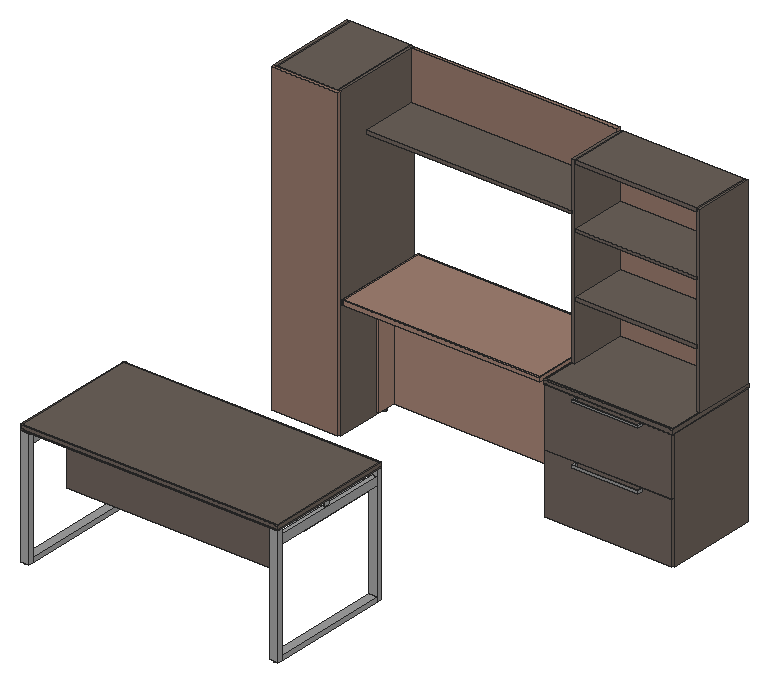
Revit family "T100086", category Furniture Systems, Revit 2022
Family settings
  Round Connector Dimension = Use Diameter
  Part Type = Normal
  Work Plane-Based = No
  Always vertical = Yes
  Cut with Voids When Loaded = No
  Shared = No
  Room Calculation Point = No
Parameters (values of type "T100465")
  URL = "http://ofs.com/"
  Model = "T100465"
  Manufacturer = "OFS"
  Description = "OFS TYPICAL T100465"
  Default Elevation = 0' - 0"
  Copyright © = "©OFS 2022"
  Catalog = "https://ofs.com/typical/T100465"
  Authoring Version = "Autodesk Revit Architecture 2015"
  Assembly Code = "E2020200"
Reference planes (in)
  plane 1 "Center F/B": y = 0
  plane 2: z = 0
  plane 3 "Center L/R": x = 0
Dimensions and locks (in)
  aligned and locked: level to plane 2
Nested families (in)
  nested 1: "STAKS SEAT CUSHION FOR MOBILE PEDESTAL" at (20.87942, -60.96503, 0) x (-1, 0, 0) z (0, 0, 1), type "STAKS SEAT CUSHION FOR MOBILE PEDESTAL"
  nested 2: "STAKS SINGLE DOOR STORAGE TOWERS" at (-66.56746, 1.08365, 30), type "STAKS SINGLE DOOR STORAGE TOWER Right Hinged 72in"
    with Height Above Floor 3' - 6"
  nested 3: "OFS STAKS HEIGHT ADJUSTABLE BRIDGE WITH BACK AND END PANEL" at (-7.69998, 0, 0), type "HA Bridge w Back & End Panel 48"
    with Right Side Lock Option no, Right Side Lock On no, Right Grommet Option no, Right Grommet On no, Pull Type none, Left Side Lock Option no, Left Side Lock On no, Left Grommet Option no, Left Grommet On no, Height 2' - 5", Divider Option no, Divider On no, Center Grommet Option no, Center Grommet On no, Cable Tray Option no
  nested 4: "STAKS SUPPORT O LEG" at (-30.21325, -76.81598, 0), type "STAKS SUPPORT O LEG 30"
  nested 5: "STAKS WALL SHELF" at (-34.75496, 1.33365, 0.5), type "STAKS WALL SHELF 48in"
    with Height Above Floor 5' - 11 1/2", 2D Symbol Lines yes, Width 4' - 0"
  nested 6: "STAKS BENCHING RECTANGULAR WORKSURFACES" at (-55.26823, -62.60698, 0), type "STAKS BENCHING RECTANGULAR WORKSURFACE 60 X 30"
  nested 7: "STAKS LEG SUPPORT BAR" at (-38.69036, -98.11434, 0), type "STAKS LEG SUPPORT BAR 60W"
  nested 8: "STAKS SUPPORT O LEG" at (-5.21325, -76.81598, 0) x (-1, 0, 0) z (0, 0, 1), type "STAKS SUPPORT O LEG 30"
  nested 9: "STAKS MODESTY PANEL - Veneer _ Wood Grain _ Frosted" at (-15.18225, -86.81529, 0), type "STAKS MODESTY PANEL WOOD VENEER 47.9375-30"
  nested 10: "STAKS LATERAL FILE WITH TOP Two Drawers" at (10.26041, -20.00035, 0), type "STAKS LATERAL FILE WITH TOP Two Drawers 30in"
  nested 11: "STAKS BOOKCASE ORGANIZER 43H" at (4.18254, 1.08365, 0), type "STAKS BOOKCASE ORGANIZER 43H 30D"
    with Height Above Floor 5' - 11 1/2"
Definition of nested family "STAKS SEAT CUSHION FOR MOBILE PEDESTAL"
  Parameters (values of type "STAKS SEAT CUSHION FOR MOBILE PEDESTAL")
    URL = "http://www.ofs.com/"
    Default Elevation = 0' - 0"
    Cushion Thickness = 0' - 1 1/2"
    Cushion Material = none
    Model = "6-1619SC2"
    Manufacturer = "OFS"
    Height = 1' - 8 1/4"
    Description = "OFS STAKS SEAT CUSHION FOR MOBILE PEDESTAL,"
    Width = 1' - 3 5/8"
    Depth = 1' - 7 1/4"
    Copyright © = "© 2018 OFS"
    Catalog = "https://ofs.com/products/casegoods/private-office/staks"
    Authoring Version = "Autodesk Revit Architecture 2013"
    Assembly Code = "E2020200"
  Reference planes (in)
    plane 1: z = 0
    plane 2 "Right": x = 20.97711
    plane 3: x = 13.16461
    plane 4: y = 1.50035
    plane 5: y = 0.75035
    plane 6: y = 20.00035
    plane 7: x = 28.78961
    plane 8: y = -0.06215
    plane 9: y = -0.24965
    plane 10: y = 19.25035
    plane 11: z = 20.25
    plane 12: z = 21.75
  Forms (in)
    Extrusion 1, solid, material <- "Cushion Material"
      sketch origin (-25.91712, 0.87535, -18.36336) x (1, 0, 0) y (0, 0, 1)
        loop
          line (39.08173, 38.61336) -> (54.70673, 38.61336) -> (54.70673, 40.11336) -> (39.08173, 40.11336) -> (39.08173, 38.61336)
      from -19.125 to 0.125
  Dimensions and locks (in)
    locked: plane 5 to plane 4 at 0.75
    "Width": plane 3 to plane 7
    equal spacing: plane 3, plane 2 "Right", plane 7
    plane 9 to plane 8 to plane 5 = 0' - 0 3/16" locked, 0' - 0 13/16" locked
    locked: plane 10 to plane 6 at 0.75
    "Depth": plane 5 to plane 6
    "Cushion Thickness": plane 12 to plane 11
    "Height": plane 11 to level
    aligned and locked: level to plane 1
    aligned and locked: Extrusion 1 to plane 11
    aligned and locked: plane 12 to Extrusion 1
    aligned and locked: Extrusion 1 to plane 6
    aligned and locked: Extrusion 1 to plane 3
    aligned and locked: plane 7 to Extrusion 1
    aligned and locked: plane 5 to Extrusion 1
  Automatic sketch dimensions
    Extrusion 1 sketch curve to plane 3 = 0' - 0"
    Extrusion 1 sketch curve to plane 7 = 0' - 0"
    Extrusion 1 sketch curve to plane 11 = 0' - 0"
    Extrusion 1 sketch curve to plane 12 = 0' - 0"
Definition of nested family "STAKS SINGLE DOOR STORAGE TOWERS"
  Parameters (values of type "STAKS SINGLE DOOR STORAGE TOWER Right Hinged 72in")
    URL = "http://www.ofs.com/"
    Right Hinged = yes
    Left Hinged = no
    Height Above Floor [instance] = 6' - 0"
    Height = 6' - 0"
    Front Doors Material = none
    Default Elevation = 0' - 0"
    Back Material = none
    Depth = 1' - 9 7/8"
    Model = "6-1672RSC1"
    Manufacturer = "OFS"
    Description = "OFS STAKS SINGLE DOOR STORAGE TOWER, Right Hinged, 72in Height, Enhance Privacy, Support Worksurfaces and Store Personal Items"
    Width = 1' - 3 5/8"
    Copyright © = "© 2018 OFS"
    Catalog = "https://ofs.com/products/casegoods/private-office/staks"
    Board Material = none
    Board Thickness = 0' - 0 3/4"
    Authoring Version = "Autodesk Revit Architecture 2013"
    Assembly Code = "E2020200"
  Types (12): name | Right Hinged | Left Hinged | Height Above Floor | Height | Model | Description
    STAKS SINGLE DOOR STORAGE TOWER Left Hinged 42in | no | yes | 3' - 6" | 3' - 6" | "6-1642LSC1" | "OFS STAKS SINGLE DOOR STORAGE TOWER, Left Hinged, 42in Height, Enhance Privacy, Support Worksurfaces and Store Personal Items"
    STAKS SINGLE DOOR STORAGE TOWER Right Hinged 42in | yes | no | 3' - 6" | 3' - 6" | "6-1642RSC1" | "OFS STAKS SINGLE DOOR STORAGE TOWER, Right Hinged, 42in Height, Enhance Privacy, Support Worksurfaces and Store Personal Items"
    STAKS SINGLE DOOR STORAGE TOWER Left Hinged 48in | no | yes | 4' - 0" | 4' - 0" | "6-1648LSC1" | "OFS STAKS SINGLE DOOR STORAGE TOWER, Left Hinged, 48in Height, Enhance Privacy, Support Worksurfaces and Store Personal Items"
    STAKS SINGLE DOOR STORAGE TOWER Left Hinged 54in | no | yes | 4' - 6" | 4' - 6" | "6-1654LSC1" | "OFS STAKS SINGLE DOOR STORAGE TOWER, Left Hinged, 54in Height, Enhance Privacy, Support Worksurfaces and Store Personal Items"
    STAKS SINGLE DOOR STORAGE TOWER Left Hinged 62.5in | no | yes | 5' - 2 1/2" | 5' - 2 1/2" | "6-1663LSC1" | "OFS STAKS SINGLE DOOR STORAGE TOWER, Left Hinged, 62.5in Height, Enhance Privacy, Support Worksurfaces and Store Personal Items"
    STAKS SINGLE DOOR STORAGE TOWER Left Hinged 72in | no | yes | 6' - 0" | 6' - 0" | "6-1672LSC1" | "OFS STAKS SINGLE DOOR STORAGE TOWER, Left Hinged, 72in Height, Enhance Privacy, Support Worksurfaces and Store Personal Items"
    STAKS SINGLE DOOR STORAGE TOWER Left Hinged 84in | no | yes | 7' - 0" | 7' - 0" | "6-1684LSC1" | "OFS STAKS SINGLE DOOR STORAGE TOWER, Left Hinged, 84in Height, Enhance Privacy, Support Worksurfaces and Store Personal Items"
    STAKS SINGLE DOOR STORAGE TOWER Right Hinged 48in | yes | no | 4' - 0" | 4' - 0" | "6-1648RSC1" | "OFS STAKS SINGLE DOOR STORAGE TOWER, Right Hinged, 48in Height, Enhance Privacy, Support Worksurfaces and Store Personal Items"
    STAKS SINGLE DOOR STORAGE TOWER Right Hinged 54in | yes | no | 4' - 6" | 4' - 6" | "6-1654RSC1" | "OFS STAKS SINGLE DOOR STORAGE TOWER, Right Hinged, 54in Height, Enhance Privacy, Support Worksurfaces and Store Personal Items"
    STAKS SINGLE DOOR STORAGE TOWER Right Hinged 62.5in | yes | no | 5' - 2 1/2" | 5' - 2 1/2" | "6-1663RSC1" | "OFS STAKS SINGLE DOOR STORAGE TOWER, Right Hinged, 62.5in Height, Enhance Privacy, Support Worksurfaces and Store Personal Items"
    STAKS SINGLE DOOR STORAGE TOWER Right Hinged 72in | yes | no | 6' - 0" | 6' - 0" | "6-1672RSC1" | "OFS STAKS SINGLE DOOR STORAGE TOWER, Right Hinged, 72in Height, Enhance Privacy, Support Worksurfaces and Store Personal Items"
    STAKS SINGLE DOOR STORAGE TOWER Right Hinged 84in | yes | no | 7' - 0" | 7' - 0" | "6-1684RSC1" | "OFS STAKS SINGLE DOOR STORAGE TOWER, Right Hinged, 84in Height, Enhance Privacy, Support Worksurfaces and Store Personal Items"
  Reference planes (in)
    plane 1: z = -0.125
    plane 2 "LEFT": x = 19.24248
    plane 3 "RIGHT": x = 34.86748
    plane 4 "BACK": y = -1.83365
    plane 5 "FRONT": y = -22.20865
    plane 6: x = 19.99248
    plane 7: x = 34.11748
    plane 8: z = -0.125
    plane 9 "SURFACE TOP": z = 71.875
    plane 10: z = 0.625
    plane 11: x = 27.05498
    plane 12: z = 71.125
    plane 13: y = -12.02115
    plane 14: y = -11.64615
    plane 15: y = -12.39615
    plane 16: x = 27.42998
    plane 17: x = 26.67998
    plane 18: y = -1.08365
    plane 19: y = -22.95865
    plane 20: x = 34.80498
    plane 21: x = 19.30498
    plane 22: x = 27.08623
    plane 23: x = 27.02373
    plane 24: z = 0.125
    plane 25: z = 71.8125
  Forms (in)
    Extrusion 1, solid, material <- "Board Material"
      sketch origin (0, 0, 71.875) x (0, 1, 0) y (-1, 0, 0)
        loop
          line (-1.83365, -19.99248) -> (-22.20865, -19.99248) -> (-22.20865, -34.11748) -> (-1.83365, -34.11748) -> (-1.83365, -19.99248)
      from -71.25 to -72
    Extrusion 2, solid, material <- "Board Material"
      sketch origin (0, 0, 71.875) x (0, 1, 0) y (-1, 0, 0)
        loop
          line (-1.08365, -19.99248) -> (-1.08365, -19.24248) -> (-22.20865, -19.24248) -> (-22.20865, -19.99248) -> (-1.08365, -19.99248)
        loop
          line (-1.08365, -34.86748) -> (-1.08365, -34.11748) -> (-22.20865, -34.11748) -> (-22.20865, -34.86748) -> (-1.08365, -34.86748)
      from 0 to -72
    Extrusion 3, solid, material <- "Board Material"
      sketch origin (0, 0, 27.375) x (0, 1, 0) y (-1, 0, 0)
        loop
          line (-1.08365, -19.99248) -> (-22.20865, -19.99248) -> (-22.20865, -34.11748) -> (-1.08365, -34.11748) -> (-1.08365, -19.99248)
      from 44.5 to 43.75
    Extrusion 4, solid, material <- "Back Material"
      sketch origin (30.99601, 21.63396, 71.875) x (0, 1, 0) y (-1, 0, 0)
        loop
          line (-22.71762, 11.00353) -> (-23.46762, 11.00353) -> (-23.46762, -3.12147) -> (-22.71762, -3.12147) -> (-22.71762, 11.00353)
      from -0.75 to -72
    Extrusion 5, solid, material <- "Front Doors Material"
      sketch origin (38.64087, -10.89295, 71.875) x (0, 1, 0) y (-1, 0, 0)
        loop
          line (-11.3157, 3.83589) -> (-11.3157, 19.33589) -> (-12.0657, 19.33589) -> (-12.0657, 3.83589) -> (-11.3157, 3.83589)
      from -0.0625 to -71.75
  Lines and regions (in)
    symbolic lines, visible <- "Left Hinged"
      curve 1: arc (34.80498, -22.95865, 71.875) -> (34.63214, -25.26693, 71.875) -> (34.11748, -27.52372, 71.875) r 15.5
      curve 2: line (19.30498, -22.95865, 71.875) -> (34.11748, -27.52372, 71.875)
    symbolic lines, visible <- "Right Hinged"
      curve 3: arc (19.30498, -22.95865, 71.875) -> (19.47782, -25.26693, 71.875) -> (19.99248, -27.52372, 71.875) r 15.5
      curve 4: line (34.80498, -22.95865, 71.875) -> (19.99248, -27.52372, 71.875)
  Dimensions and locks (in)
    "Width": plane 2 "LEFT" to plane 3 "RIGHT"
    "Height": plane 9 "SURFACE TOP" to plane 8
    "Board Thickness": plane 2 "LEFT" to plane 6
    "Board Thickness": plane 7 to plane 3 "RIGHT"
    "Height Above Floor": plane 9 "SURFACE TOP" to level
    "Board Thickness": plane 10 to plane 8
    equal spacing: plane 2 "LEFT", plane 11, plane 3 "RIGHT"
    "Board Thickness": plane 9 "SURFACE TOP" to plane 12
    equal spacing: plane 4 "BACK", plane 13, plane 5 "FRONT"
    equal spacing: plane 14, plane 13, plane 15
    "Board Thickness": plane 14 to plane 15
    equal spacing: plane 17, plane 11, plane 16
    "Board Thickness": plane 17 to plane 16
    "Depth": plane 18 to plane 19
    "Board Thickness": plane 18 to plane 4 "BACK"
    "Board Thickness": plane 5 "FRONT" to plane 19
    locked: plane 20 to plane 3 "RIGHT" at 0.0625
    locked: plane 2 "LEFT" to plane 21 at 0.0625
    plane 23 to plane 11 to plane 22 = 0' - 0 1/32" locked, 0' - 0 1/32" locked
    locked: plane 24 to plane 8 at 0.25
    locked: plane 9 "SURFACE TOP" to plane 25 at 0.0625
    aligned: level to plane 1
    aligned and locked: Extrusion 1 sketch curve to plane 4 "BACK"
    aligned and locked: Extrusion 1 sketch curve to plane 6
    aligned and locked: plane 5 "FRONT" to Extrusion 1 sketch curve
    aligned and locked: Extrusion 1 sketch curve to plane 7
    aligned and locked: Extrusion 1 to plane 8
    aligned and locked: plane 10 to Extrusion 1
    aligned and locked: Extrusion 2 sketch curve to Extrusion 1  (x2)
    aligned and locked: Extrusion 2 sketch curve to plane 5 "FRONT"
    aligned and locked: Extrusion 2 sketch curve to plane 2 "LEFT"
    aligned and locked: Extrusion 2 sketch curve to plane 3 "RIGHT"
    aligned and locked: Extrusion 1 to Extrusion 2 sketch curve
    aligned and locked: plane 9 "SURFACE TOP" to Extrusion 3
    aligned and locked: Extrusion 3 to plane 12
    aligned and locked: Extrusion 3 to plane 5 "FRONT"
    aligned and locked: Extrusion 3 to plane 6
    aligned and locked: Extrusion 3 to plane 7
    aligned and locked: Extrusion 4 to plane 4 "BACK"
    aligned and locked: plane 18 to Extrusion 4
    aligned and locked: plane 5 "FRONT" to Extrusion 5
    aligned and locked: Extrusion 5 to plane 19
    aligned and locked: Extrusion 2 to plane 18  (x2)
    aligned and locked: Extrusion 3 to plane 18
    aligned and locked: plane 12 to Extrusion 4
    aligned and locked: Extrusion 5 to plane 24
    aligned and locked: Extrusion 4 to plane 6
    aligned and locked: plane 7 to Extrusion 4
    aligned and locked: Extrusion 4 to plane 8
    aligned and locked: plane 21 to Extrusion 5
    aligned and locked: plane 25 to Extrusion 5
    aligned and locked: Extrusion 2 to plane 8
    aligned and locked: plane 20 to Extrusion 5
  Automatic sketch dimensions
    Extrusion 2 sketch curve to plane 18 = 0' - 0"  (x2)
    Extrusion 3 sketch curve to plane 5 "FRONT" = 0' - 0"
    Extrusion 3 sketch curve to plane 6 = 0' - 0"
    Extrusion 3 sketch curve to plane 18 = 0' - 0"
    Extrusion 3 sketch curve to plane 7 = 0' - 0"
    Extrusion 4 sketch curve to plane 4 "BACK" = 0' - 0"
    Extrusion 4 sketch curve to plane 6 = 0' - 0"
    Extrusion 4 sketch curve to plane 18 = 0' - 0"
    Extrusion 4 sketch curve to plane 7 = 0' - 0"
    curve 4 to plane 6 = 0' - 0"
    curve 2 to plane 7 = 0' - 0"
    curve 2 to plane 19 = 0' - 0"
    curve 4 to plane 19 = 0' - 0"
    curve 4 to plane 20 = 0' - 0"
    curve 2 to plane 21 = 0' - 0"
    curve 3 to plane 20 = 0' - 0"
    curve 1 to plane 21 = 0' - 0"
    Extrusion 5 sketch curve to plane 19 = 0' - 0"
    Extrusion 5 sketch curve to plane 5 "FRONT" = 0' - 0"
    Extrusion 5 sketch curve to plane 21 = 0' - 0"
    Extrusion 5 sketch curve to plane 20 = 0' - 0"
Definition of nested family "OFS STAKS HEIGHT ADJUSTABLE BRIDGE WITH BACK AND END PANEL"
  Parameters (values of type "HA Bridge w Back & End Panel 42")
    Right Side Pedestal Board = no
    Right Side Lock Option [instance] = yes
    Right Side HA Base = yes
    Right Grommet Option [instance] = yes
    Pull Finish = none
    Overhang Front Right = 0' - 10"
    Right Side Leg Board Offset = 0' - 11"
    Right Side Leg Board = yes
    Leg Offset from Right Side = 0' - 0 3/8"
    Leg Offset from Front Right Side = 0' - 2"
    Left Side Lock Option [instance] = yes
    Left Side Leg Board Offset = 0' - 11"
    Left Side Leg Board = yes
    Left Side Pedestal Board = no
    Left Side HA Base = yes
    Left Grommet Option [instance] = yes
    HA Base Offset from Right = 0' - 9"
    HA Base Offset from Left = 0' - 9"
    HA Base Offset from Back = 0' - 4"
    HA Base Material = none
    Divider Option [instance] = yes
    Desk Worksurface Option = not(Bridge Worksurface Option)  # no
    Default Elevation = 0' - 0"
    Center Grommet Option [instance] = yes
    Center Grommet On [instance] = and(Center Grommet Option, Bridge Worksurface Option)  # yes
    Cable Tray offset from Sides = 0' - 5"
    Width = 3' - 6"
    URL = "https://ofs.com/"
    Top Worksurface Finish = none
    Top Drawer Finish = none
    Right Side Full Panel = no
    Right Side 3 Drawers = no
    Right Side 2 Drawers = no
    Right Panel Finish = none
    Overhang Right = 0' - 0"
    Right Grommet On [instance] = and(Right Grommet Option, Desk Worksurface Option)  # no
    Pull Type [instance] = Pull : Parallel
    Right Side Lock On [instance] = and(Right Side Lock Option, or(Right Side 2 Drawers, Right Side 3 Drawers))  # no
    Lock Finish = none
    Left Side Lock On [instance] = and(Left Side Lock Option, or(Left Side 2 Drawers, Left Side 3 Drawers))  # no
    Left Side Full Panel = no
    Left Side 3 Drawers = no
    Left Side 2 Drawers = no
    Left Panel Finish = none
    Overhang Left = 0' - 0"
    Left Grommet On [instance] = and(Left Grommet Option, Desk Worksurface Option)  # no
    Grommet Offset from Back = 0' - 3"
    Grommet Material = none
    Full Width Option = not(Breakfront Option)  # yes
    Edge Finish = none
    Drawer Offset from Edge = 0' - 0 1/16"
    Divider On [instance] = and(Divider Option, Desk Worksurface Option)  # no
    Divider Finish = none
    Divider Depth from Back = 0' - 8 3/4"
    Chassis Height = 2' - 4"
    Cable Tray Option [instance] = yes
    Cable Tray Finish = none
    Bridge Worksurface Option = yes
    Bridge Worksurface Offset from Right Side = 0' - 1"
    Bridge Worksurface Offset from Left Side = 0' - 1"
    Breakfront Option = no
    Breakfront Gap Size = 0' - 6"
    Bottom Drawer Finish = none
    Overhang Back = 0' - 0"
    Shelf Height = 1' - 4 1/8"
    Leg Offset from Front Left Side = 0' - 2"
    Leg Offset from Back = 0' - 2"
    Overhang Front Left = 0' - 10"
    From Top of Drawer to Mid of Handle = 0' - 0 1/2"
    File Module Size R = 0' - 4"
    Edge Thickness = 0' - 0 1/8"
    Drawer Height 2 = 0' - 7"
    Drawer Height 1 = 1' - 2"
    From Bottom Board to Bottom of Drawer = 0' - 0 1/4"
    File Module Size L = 0' - 4"
    Handle Lenght R = 0' - 4 1/8"
    Handle Lenght L = 0' - 4 1/8"
    Drawer Handle Thickness = 0' - 0 1/2"
    Drawer Gap = 0' - 0 1/8"
    Board Thick Top = 0' - 1"
    Board Thick Door = 0' - 1 1/8"
    Depth = 1' - 10"
    Chassis Finish = none
    Model = "6-2242HABR"
    Manufacturer = "OFS"
    Leg Glides Material = none
    Leg Offset from Left Side = 0' - 0 3/8"
    Board Thick Internal = 0' - 0 3/4"
    Height [instance] = 2' - 5"
    Description = "OFS STAKS HEIGHT ADJUSTABLE BRIDGE WITH BACK AND END PANEL, 42\" Width, 22\" Depth, Electronic Height Adjustable (29\"- 45\")"
    Copyright © = "©OFS 2021"
    Catalog = "https://ofs.com/products/casegoods/private-office/staks"
    Bottom Board Offset = 0' - 0 1/2"
    Board Thick Bot = 0' - 0 3/4"
    Board Thick Shelfs = 0' - 0 3/4"
    Board Thick Sides = 0' - 0 3/4"
    Board Thick Front = 0' - 0 3/4"
    Board Thick Back = 0' - 0 3/4"
    Authoring Version = "Autodesk Revit Architecture 2015"
    Assembly Code = "E2020200"
  Types (3): name | Width | Model | Description
    (no name) | 3' - 6" | "6-2242HABR" | "OFS STAKS HEIGHT ADJUSTABLE BRIDGE WITH BACK AND END PANEL, 42\" Width, 22\" Depth, Electronic Height Adjustable (29\"- 45\")"
    HA Bridge w Back & End Panel 42 | 3' - 6" | "6-2242HABR" | "OFS STAKS HEIGHT ADJUSTABLE BRIDGE WITH BACK AND END PANEL, 42\" Width, 22\" Depth, Electronic Height Adjustable (29\"- 45\")"
    HA Bridge w Back & End Panel 48 | 4' - 0" | "6-2248HABR" | "OFS STAKS HEIGHT ADJUSTABLE BRIDGE WITH BACK AND END PANEL, 48\" Width, 22\" Depth, Electronic Height Adjustable (29\"- 45\")"
  Reference planes (in)
    plane 1 "Center": y = 0
    plane 2: z = 0
    plane 3 "Center Left/Right": x = 0
    plane 4 "Left End": x = -21
    plane 5 "Front End": y = -10.875
    plane 6 "Right End": x = 21
    plane 7 "Center Front/Back": y = 0
    plane 8 "Height Top": z = 29
    plane 9: x = -20.25
    plane 10: x = 20.25
    plane 11: z = 14.375
    plane 12: z = 15.875
    plane 13: z = 28
    plane 14: z = 0.5
    plane 15: z = 1.25
    plane 16: y = -10.125
    plane 17: y = -2
    plane 18: y = -2
    plane 19: y = -8.875
    plane 20: y = -8.875
    plane 21: x = 20.625
    plane 22: y = -22
    plane 23: z = 14.5
    plane 24: x = 18.8125
    plane 25: x = 16.75
    plane 26: x = 20.875
    plane 27: y = -0.75
    plane 28: x = 17
    plane 29: x = 16.625
    plane 30: x = 17.375
    plane 31: x = 16.9375
    plane 32: x = 17.0625
    plane 33: x = 17
    plane 34: x = -17
    plane 35: x = -16.625
    plane 36: x = -17.375
    plane 37: x = -16.9375
    plane 38: x = -17.0625
    plane 39: x = -18.8125
    plane 40: x = -16.75
    plane 41: x = -20.875
    plane 42: x = -17
    plane 43: x = -20.625
    plane 44: z = 0.75
    plane 45: z = 14.125
    plane 46: z = 13.625
    plane 47: z = 27.75
    plane 48: z = 27.25
    plane 49: z = 21.375
    plane 50: z = 21.5
    plane 51: z = 21.125
    plane 52: z = 20.625
    plane 53: z = 16.625
    plane 54: z = 13.875
    plane 55: z = 20.875
    plane 56: z = 27.5
    plane 57: y = -0.125
    plane 58: y = -21.875
    plane 59: y = -12
    plane 60: x = -21
    plane 61: x = -20.875
    plane 62: x = 21
    plane 63: x = 20.875
    plane 64: x = -20.9375
    plane 65: x = -16.6875
    plane 66: x = 16.6875
    plane 67: x = 20.9375
    plane 68: y = -6
    plane 69: y = -6.75
    plane 70: y = -3
    plane 71: y = -14
    plane 72: y = -14.75
    plane 73: z = 28
    plane 74: x = -20
    plane 75: x = 20
    plane 76: x = -19.875
    plane 77: x = 19.875
    plane 78: x = -11.625
    plane 79: x = 19.70587
    plane 80: x = 11.625
    plane 81: y = -10.875
    plane 82: y = -10.125
    plane 83: y = -12
    plane 84: y = -11
    plane 85: y = -11
    plane 86: y = -4
    plane 87: x = -12
    plane 88: x = 12
  Forms (in)
    Extrusion 1, solid, material <- "Chassis Finish", visible <- "Left Side Pedestal Board"
      sketch origin (0, 0, 0) x (1, 0, 0) y (0, 1, 0)
        loop
          line (-21, -0.75) -> (-21, -10.875) -> (-20.25, -10.875) -> (-20.25, -0.75) -> (-21, -0.75)
      from 0.5 to 28
    Extrusion 2, solid, material <- "Chassis Finish", visible <- "Right Side Pedestal Board"
      sketch origin (0, 0, 0) x (-1, 0, 0) y (0, -1, 0)
        loop
          line (-21, 0.75) -> (-20.25, 0.75) -> (-20.25, 10.875) -> (-21, 10.875) -> (-21, 0.75)
      from 0.5 to 28
    Extrusion 3, solid, material <- "Chassis Finish", visible <- "Right Side Pedestal Board"
      sketch origin (0, 0, 0) x (1, 0, 0) y (0, 1, 0)
        loop
          line (17.375, -0.75) -> (17.375, -10.875) -> (20.25, -10.875) -> (20.25, -0.75) -> (17.375, -0.75)
      from 0.5 to 1.25
    Extrusion 4, solid, material <- "Top Worksurface Finish", visible <- "Desk Worksurface Option"
      sketch origin (0, 0, 0) x (1, 0, 0) y (0, 1, 0)
        loop
          line (-20.875, -0.125) -> (-20.875, -21.875) -> (20.875, -21.875) -> (20.875, -0.125) -> (-20.875, -0.125)
      from 28 to 29
    Extrusion 5, solid, material <- "Chassis Finish", visible <- "Right Side Pedestal Board"
      sketch origin (0, 0, 0) x (1, 0, 0) y (0, 1, 0)
        loop
          line (16.625, -0.75) -> (16.625, -10.875) -> (17.375, -10.875) -> (17.375, -0.75) -> (16.625, -0.75)
      from 0.5 to 28
    Extrusion 6, solid, material <- "Chassis Finish", visible <- "Full Width Option"
      sketch origin (0, 27.875, 0) x (1, 0, 0) y (0, 1, 0)
        loop
          line (-21, -27.875) -> (-21, -28.625) -> (21, -28.625) -> (21, -27.875) -> (-21, -27.875)
      from 0.5 to 28
    Extrusion 7, solid, material <- "Top Drawer Finish", visible <- "Right Side 2 Drawers"
      sketch origin (-18, 0, 0) x (-1, 0, 0) y (0, -1, 0)
        loop
          line (-34.6875, 10.875) -> (-34.6875, 12) -> (-38.9375, 12) -> (-38.9375, 10.875) -> (-34.6875, 10.875)
      from 14.5 to 28
    Extrusion 8, solid, material <- "Bottom Drawer Finish", visible <- "Right Side 2 Drawers"
      sketch origin (-18, 0, 0) x (-1, 0, 0) y (0, -1, 0)
        loop
          line (-34.6875, 10.875) -> (-34.6875, 12) -> (-38.9375, 12) -> (-38.9375, 10.875) -> (-34.6875, 10.875)
      from 0.75 to 14.375
    Extrusion 9, solid, material <- "Chassis Finish", visible <- "Left Side Pedestal Board"
      sketch origin (0, 0, 0) x (-1, 0, 0) y (0, -1, 0)
        loop
          line (16.625, 0.75) -> (17.375, 0.75) -> (17.375, 10.875) -> (16.625, 10.875) -> (16.625, 0.75)
      from 0.5 to 28
    Extrusion 10, solid, material <- "Top Drawer Finish", visible <- "Left Side 3 Drawers"
      sketch origin (18, 0, 0) x (1, 0, 0) y (0, 1, 0)
        loop
          line (-34.6875, -10.875) -> (-38.9375, -10.875) -> (-38.9375, -12) -> (-34.6875, -12) -> (-34.6875, -10.875)
      from 14.5 to 21.375
    Extrusion 11, solid, material <- "Bottom Drawer Finish", visible <- "Left Side 3 Drawers"
      sketch origin (18, 0, 0) x (1, 0, 0) y (0, 1, 0)
        loop
          line (-34.6875, -10.875) -> (-38.9375, -10.875) -> (-38.9375, -12) -> (-34.6875, -12) -> (-34.6875, -10.875)
      from 0.75 to 14.375
    Extrusion 12, solid, material <- "Chassis Finish", visible <- "Left Side Pedestal Board"
      sketch origin (0, 0, 0) x (-1, 0, 0) y (0, -1, 0)
        loop
          line (17.375, 0.75) -> (20.25, 0.75) -> (20.25, 10.875) -> (17.375, 10.875) -> (17.375, 0.75)
      from 1.25 to 0.5
    Extrusion 13, solid, material <- "Top Drawer Finish", visible <- "Left Side 3 Drawers"
      sketch origin (18, -2.5, 0) x (1, 0, 0) y (0, 1, 0)
        loop
          line (-34.6875, -8.375) -> (-38.9375, -8.375) -> (-38.9375, -9.5) -> (-34.6875, -9.5) -> (-34.6875, -8.375)
      from 21.5 to 28
    Extrusion 14, solid, material <- "Chassis Finish", visible <- "Breakfront Option"
      sketch origin (0, 21.875, 0) x (1, 0, 0) y (0, 1, 0)
        loop
          line (-16.625, -27.875) -> (-16.625, -28.625) -> (16.625, -28.625) -> (16.625, -27.875) -> (-16.625, -27.875)
      from 0.5 to 28
    Extrusion 15, solid, material <- "Chassis Finish", visible <- "Breakfront Option"
      sketch origin (18, 21.875, 0) x (1, 0, 0) y (0, 1, 0)
        loop
          line (-1.375, -21.875) -> (-1.375, -22.625) -> (3, -22.625) -> (3, -21.875) -> (-1.375, -21.875)
      from 0.5 to 28
    Extrusion 16, solid, material <- "Chassis Finish", visible <- "Breakfront Option"
      sketch origin (-18, 21.875, 0) x (-1, 0, 0) y (0, -1, 0)
        loop
          line (-1.375, 21.875) -> (3, 21.875) -> (3, 22.625) -> (-1.375, 22.625) -> (-1.375, 21.875)
      from 0.5 to 28
    Sweep 17, solid, material <- "Edge Finish", visible <- "Desk Worksurface Option"
      path origin (-40.38991, -180, 29) x (-1, 0, 0) y (0, -1, 0)
        loop
          line (-19.38991, -180) -> (-19.38991, -158) -> (-61.38991, -158) -> (-61.38991, -180) -> (-19.38991, -180)
      profile origin (0, 0, 29) x (0, 1, 0) y (0, 0, 1)
        loop
          line (0, 0) -> (-0.125, 0) -> (-0.125, -1) -> (0, -1) -> (0, 0)
    Extrusion 18, solid, material <- "Divider Finish", visible <- "Divider On"
      sketch origin (0, 0, 0) x (0, 1, 0) y (0, 0, 1)
        loop
          line (-6.75, 18.15) -> (-14.75, 18.15) -> (-14.75, 17.4) -> (-6.75, 17.4) -> (-6.75, 18.15)
      from -16.625 to 16.625
    Extrusion 19, solid, material <- "Divider Finish", visible <- "Divider On"
      sketch origin (0, 0, 0) x (0, 1, 0) y (0, 0, 1)
        loop
          line (-14.75, 14.4) -> (-14, 14.4) -> (-14, 17.4) -> (-14.75, 17.4) -> (-14.75, 14.4)
      from -16.625 to 16.625
    Extrusion 20, solid, material <- "Top Drawer Finish", visible <- "Left Side 2 Drawers"
      sketch origin (18, -6.375, 0) x (1, 0, 0) y (0, 1, 0)
        loop
          line (-34.6875, -4.5) -> (-38.9375, -4.5) -> (-38.9375, -5.625) -> (-34.6875, -5.625) -> (-34.6875, -4.5)
      from 14.5 to 28
    Extrusion 21, solid, material <- "Bottom Drawer Finish", visible <- "Left Side 2 Drawers"
      sketch origin (18, 0, 0) x (1, 0, 0) y (0, 1, 0)
        loop
          line (-34.6875, -10.875) -> (-38.9375, -10.875) -> (-38.9375, -12) -> (-34.6875, -12) -> (-34.6875, -10.875)
      from 0.75 to 14.375
    Extrusion 22, solid, material <- "Top Drawer Finish", visible <- "Right Side 3 Drawers"
      sketch origin (-18, 0, 0) x (-1, 0, 0) y (0, -1, 0)
        loop
          line (-34.6875, 10.875) -> (-34.6875, 12) -> (-38.9375, 12) -> (-38.9375, 10.875) -> (-34.6875, 10.875)
      from 14.5 to 21.375
    Extrusion 23, solid, material <- "Bottom Drawer Finish", visible <- "Right Side 3 Drawers"
      sketch origin (-18, 0, 0) x (-1, 0, 0) y (0, -1, 0)
        loop
          line (-34.6875, 10.875) -> (-34.6875, 12) -> (-38.9375, 12) -> (-38.9375, 10.875) -> (-34.6875, 10.875)
      from 0.75 to 14.375
    Extrusion 24, solid, material <- "Top Drawer Finish", visible <- "Right Side 3 Drawers"
      sketch origin (-18, -2.5, 0) x (-1, 0, 0) y (0, -1, 0)
        loop
          line (-34.6875, 8.375) -> (-34.6875, 9.5) -> (-38.9375, 9.5) -> (-38.9375, 8.375) -> (-34.6875, 8.375)
      from 21.5 to 28
    Extrusion 25, solid, material <- "Left Panel Finish", visible <- "Left Side Full Panel"
      sketch origin (39.35039, -4.2751, 0) x (1, 0, 0) y (0, 1, 0)
        loop
          line (-56.03789, -6.5999) -> (-60.28789, -6.5999) -> (-60.28789, -7.7249) -> (-56.03789, -7.7249) -> (-56.03789, -6.5999)
      from 0.75 to 28
    Extrusion 26, solid, material <- "Right Panel Finish", visible <- "Right Side Full Panel"
      sketch origin (48.60039, -4.2751, 0) x (1, 0, 0) y (0, 1, 0)
        loop
          line (-27.66289, -6.5999) -> (-31.91289, -6.5999) -> (-31.91289, -7.7249) -> (-27.66289, -7.7249) -> (-27.66289, -6.5999)
      from 0.75 to 28
    Extrusion 27, solid, material <- "Lock Finish", visible <- "Left Side Lock On"
      sketch origin (-7.75, 0, 0) x (0, 1, 0) y (0, 0, -1)
        loop
          circle (-8.875, -21.5) r 0.5
      from 8.84352 to 8.875
    Extrusion 28, solid, material <- "Top Worksurface Finish", visible <- "Bridge Worksurface Option"
      sketch origin (34.67933, 47.732, 0) x (1, 0, 0) y (0, 1, 0)
        loop
          line (-54.55433, -47.857) -> (-54.55433, -69.607) -> (-14.80433, -69.607) -> (-14.80433, -47.857) -> (-54.55433, -47.857)
      from 28 to 29
    Sweep 29, solid, material <- "Edge Finish", visible <- "Bridge Worksurface Option"
      path origin (-5.71058, -132.268, 29) x (-1, 0, 0) y (0, -1, 0)
        loop
          line (14.28942, -132.268) -> (14.28942, -110.268) -> (-25.71058, -110.268) -> (-25.71058, -132.268) -> (14.28942, -132.268)
      profile origin (0, 0, 29) x (0, 1, 0) y (0, 0, 1)
        loop
          line (0, 0) -> (-0.125, 0) -> (-0.125, -1) -> (0, -1) -> (0, 0)
    Extrusion 30, solid, material <- "Chassis Finish", visible <- "Bridge Worksurface Option"
      sketch origin (-40.38991, -180, 29) x (-1, 0, 0) y (0, -1, 0)
        loop
          line (-20.13991, -174) -> (-20.13991, -173.25) -> (-60.63991, -173.25) -> (-60.63991, -174) -> (-20.13991, -174)
      from -28.5 to -1
    Extrusion 31, solid, material <- "Chassis Finish", visible <- "Left Side Leg Board"
      sketch origin (-40.38991, -180, 29) x (-1, 0, 0) y (0, -1, 0)
        loop
          line (-19.38991, -179.25) -> (-19.38991, -169) -> (-20.13991, -169) -> (-20.13991, -179.25) -> (-19.38991, -179.25)
      from -28.5 to -1
    Extrusion 32, solid, material <- "Chassis Finish", visible <- "Right Side Leg Board"
      sketch origin (40.38991, -180, 29) x (1, 0, 0) y (0, 1, 0)
        loop
          line (-19.38991, 179.25) -> (-20.13991, 179.25) -> (-20.13991, 169) -> (-19.38991, 169) -> (-19.38991, 179.25)
      from -28.5 to -1
    Extrusion 33, solid, material <- "Lock Finish", visible <- "Right Side Lock On"
      sketch origin (0, 0, 0) x (0, 1, 0) y (0, 0, 1)
        loop
          circle (-8.875, 21.5) r 0.5
      from 16.625 to 16.59375
    Extrusion 34, void
      sketch origin (-0.4808, 0, 0.125) x (1, 0, 0) y (0, 0, 1)
        loop
          arc (7.93958, 27.35258) -> (12.4808, 26.17116) -> (17.02201, 27.35258) r 9.31865
          arc (17.02201, 27.35258) -> (17.97709, 27.74219) -> (19, 27.875) r 4.00572
          line (19, 27.875) -> (12.7308, 27.875) -> (12.4808, 28.125) -> (12.2308, 27.875) -> (5.96159, 27.875)
          arc (5.96159, 27.875) -> (6.9845, 27.74219) -> (7.93958, 27.35258) r 4.00572
      from 0 to 12
    Extrusion 35, void
      sketch origin (-24.4808, 0, 0.125) x (1, 0, 0) y (0, 0, 1)
        loop
          arc (7.93958, 27.35258) -> (12.4808, 26.17116) -> (17.02201, 27.35258) r 9.31865
          arc (17.02201, 27.35258) -> (17.97709, 27.74219) -> (19, 27.875) r 4.00572
          line (19, 27.875) -> (12.7308, 27.875) -> (12.4808, 28.125) -> (12.2308, 27.875) -> (5.96159, 27.875)
          arc (5.96159, 27.875) -> (6.9845, 27.74219) -> (7.93958, 27.35258) r 4.00572
      from 0 to 12
  Cuts and joins
    Extrusion 34, Extrusion 35 cuts Extrusion 30
  Dimensions and locks (in)
    equal spacing: plane 60, plane 3 "Center Left/Right", plane 62
    "Width": plane 60 to plane 62
    "Height": plane 8 "Height Top" to level
    "Board Thick Sides": plane 4 "Left End" to plane 9
    "Board Thick Sides": plane 10 to plane 6 "Right End"
    "Board Thick Shelfs": plane 53 to plane 12
    "Board Thick Bot": plane 15 to plane 14
    "Bottom Board Offset": plane 14 to level
    "Board Thick Front": plane 16 to plane 5 "Front End"
    "Leg Offset from Front Left Side": plane 19 to plane 5 "Front End"
    "Leg Offset from Front Right Side": plane 20 to plane 81
    "Leg Offset from Back": plane 17 to plane 1 "Center"
    "Leg Offset from Back": plane 18 to plane 1 "Center"
    "Leg Offset from Right Side": plane 21 to plane 6 "Right End"
    "Drawer Height 1": plane 23 to plane 14
    "Drawer Gap": plane 23 to plane 11
    equal spacing: plane 25, plane 24, plane 26
    "Handle Lenght R": plane 25 to plane 26
    "Board Thick Back": plane 27 to plane 1 "Center"
    "Depth": plane 22 to plane 7 "Center Front/Back"
    "Board Thick Internal": plane 29 to plane 30
    equal spacing: plane 29, plane 28, plane 30
    "File Module Size R": plane 28 to plane 6 "Right End"
    equal spacing: plane 30, plane 24, plane 10
    equal spacing: plane 31, plane 28, plane 32
    "Drawer Gap": plane 31 to plane 32
    "Leg Offset from Right Side": plane 29 to plane 33
    "Board Thick Internal": plane 35 to plane 36
    equal spacing: plane 35, plane 34, plane 36
    "File Module Size L": plane 34 to plane 4 "Left End"
    equal spacing: plane 37, plane 34, plane 38
    "Drawer Gap": plane 37 to plane 38
    equal spacing: plane 40, plane 39, plane 41
    "Handle Lenght R": plane 40 to plane 41
    equal spacing: plane 36, plane 39, plane 9
    "Leg Offset from Left Side": plane 35 to plane 42
    "Leg Offset from Left Side": plane 43 to plane 4 "Left End"
    "Overhang Back": plane 1 "Center" to plane 7 "Center Front/Back"
    "From Bottom Board to Bottom of Drawer": plane 44 to plane 14
    "Drawer Handle Thickness": plane 45 to plane 46
    locked: plane 47 to plane 48 at 0.5
    "Drawer Gap": plane 50 to plane 49
    "Drawer Handle Thickness": plane 51 to plane 52
    "Shelf Height": plane 53 to plane 14
    "Drawer Height 2": plane 50 to plane 23
    "From Top of Drawer to Mid of Handle": plane 11 to plane 54
    "From Top of Drawer to Mid of Handle": plane 49 to plane 55
    "From Top of Drawer to Mid of Handle": plane 13 to plane 56
    "Edge Thickness": plane 22 to plane 58
    "Edge Thickness": plane 57 to plane 7 "Center Front/Back"
    "Board Thick Door": plane 5 "Front End" to plane 59
    "Overhang Front Left": plane 59 to plane 22
    "Edge Thickness": plane 63 to plane 62
    "Edge Thickness": plane 60 to plane 61
    "Overhang Left": plane 60 to plane 4 "Left End"
    "Overhang Right": plane 6 "Right End" to plane 62
    "Drawer Offset from Edge": plane 64 to plane 4 "Left End"
    "Drawer Offset from Edge": plane 65 to plane 35
    "Drawer Offset from Edge": plane 66 to plane 29
    "Drawer Offset from Edge": plane 67 to plane 6 "Right End"
    "Board Thick Back": plane 68 to plane 69
    "Breakfront Gap Size": plane 1 "Center" to plane 68
    "Grommet Offset from Back": plane 70 to plane 7 "Center Front/Back"
    "Board Thick Internal": plane 71 to plane 72
    "Divider Depth from Back": plane 68 to plane 72
    "Board Thick Top": plane 8 "Height Top" to plane 73
    "Chassis Height": plane 13 to level
    locked: plane 35 to Extrusion 27 at 0.03148
    "Bridge Worksurface Offset from Left Side": plane 60 to plane 74
    "Bridge Worksurface Offset from Right Side": plane 75 to plane 62
    "Edge Thickness": plane 74 to plane 76
    "Edge Thickness": plane 77 to plane 75
    "Cable Tray offset from Sides": plane 80 to plane 29
    "Cable Tray offset from Sides": plane 35 to plane 78
    "Board Thick Front": plane 82 to plane 81
    "Board Thick Door": plane 81 to plane 83
    "Overhang Front Right": plane 83 to plane 22
    "Left Side Leg Board Offset": plane 84 to plane 1 "Center"
    "Right Side Leg Board Offset": plane 85 to plane 1 "Center"
    locked: plane 29 to Extrusion 33 at 0.03125
    "HA Base Offset from Back": plane 7 "Center Front/Back" to plane 86
    "HA Base Offset from Left": plane 60 to plane 87
    "HA Base Offset from Right": plane 62 to plane 88
    aligned and locked: level to plane 2
    aligned and locked: plane 5 "Front End" to Extrusion 1 sketch curve
    aligned and locked: plane 4 "Left End" to Extrusion 1 sketch curve
    aligned and locked: Extrusion 2 to plane 6 "Right End"
    aligned and locked: Extrusion 2 to plane 14
    aligned and locked: Extrusion 6 to plane 4 "Left End"
    aligned and locked: Extrusion 6 to plane 6 "Right End"
    aligned and locked: Extrusion 6 to plane 14
    aligned and locked: plane 13 to Extrusion 5
    aligned and locked: plane 13 to Extrusion 6
    aligned and locked: plane 13 to Extrusion 2
    aligned and locked: plane 8 "Height Top" to Extrusion 4
    aligned and locked: Extrusion 6 to plane 27
    aligned and locked: Extrusion 6 to plane 1 "Center"
    aligned and locked: Extrusion 5 to plane 27
    aligned and locked: Extrusion 5 to plane 30
    aligned and locked: Extrusion 5 to plane 29
    aligned and locked: plane 27 to Extrusion 2
    aligned and locked: plane 23 to Extrusion 7
    aligned and locked: plane 13 to Extrusion 7
    aligned and locked: Extrusion 8 to plane 11
    aligned and locked: Extrusion 5 to plane 14
    aligned and locked: plane 10 to Extrusion 2
    aligned and locked: plane 30 to Extrusion 3
    aligned and locked: Extrusion 3 to plane 10
    aligned and locked: Extrusion 9 to plane 35
    aligned and locked: Extrusion 9 to plane 36
    aligned and locked: plane 9 to Extrusion 1
    aligned and locked: Extrusion 1 to plane 14
    aligned and locked: plane 13 to Extrusion 9
    aligned and locked: plane 13 to Extrusion 1
    aligned and locked: plane 11 to Extrusion 11
    aligned and locked: Extrusion 10 to plane 23
    aligned and locked: Extrusion 11 to plane 44
    aligned and locked: Extrusion 8 to plane 44
    aligned and locked: plane 15 to Extrusion 12
    aligned and locked: plane 15 to Extrusion 3
    aligned and locked: Extrusion 3 to plane 14
    aligned and locked: Extrusion 12 to plane 14
    aligned and locked: plane 49 to Extrusion 10
    aligned and locked: plane 13 to Extrusion 13
    aligned and locked: Extrusion 13 to plane 50
    aligned and locked: Extrusion 9 to plane 14
    aligned and locked: Extrusion 4 to plane 58
    aligned and locked: Extrusion 4 to plane 57
    aligned and locked: plane 5 "Front End" to Extrusion 13
    aligned and locked: Extrusion 13 to plane 59
    aligned and locked: plane 5 "Front End" to Extrusion 10
    aligned and locked: Extrusion 10 to plane 59
    aligned and locked: plane 5 "Front End" to Extrusion 11
    aligned and locked: Extrusion 11 to plane 59
    aligned and locked: Extrusion 4 to plane 61
    aligned and locked: Extrusion 4 to plane 63
    aligned and locked: Extrusion 11 to plane 64
    aligned and locked: Extrusion 10 to plane 64
    aligned and locked: Extrusion 13 to plane 64
    aligned and locked: Extrusion 13 to plane 65
    aligned and locked: Extrusion 11 to plane 65
    aligned and locked: Extrusion 10 to plane 65
    aligned and locked: Extrusion 7 to plane 66
    aligned and locked: Extrusion 8 to plane 66
    aligned and locked: Extrusion 8 to plane 67
    aligned and locked: Extrusion 7 to plane 67
    aligned and locked: plane 68 to Extrusion 14
    aligned and locked: Extrusion 14 to plane 69
    aligned and locked: plane 35 to Extrusion 14
    aligned and locked: Extrusion 14 to plane 29
    aligned and locked: Extrusion 15 to plane 6 "Right End"
    aligned and locked: Extrusion 15 to plane 29
    aligned and locked: Extrusion 15 to plane 1 "Center"
    aligned and locked: Extrusion 16 to plane 35
    aligned and locked: Extrusion 16 to plane 4 "Left End"
    aligned and locked: Extrusion 16 to plane 1 "Center"
    aligned and locked: Extrusion 16 to plane 27
    aligned and locked: plane 13 to Extrusion 14
    aligned and locked: plane 13 to Extrusion 16
    aligned and locked: plane 13 to Extrusion 15
    aligned and locked: Extrusion 14 to plane 14
    aligned and locked: Extrusion 15 to plane 14
    aligned and locked: Extrusion 16 to plane 14
    aligned and locked: plane 27 to Extrusion 12
    aligned and locked: plane 27 to Extrusion 9
    aligned and locked: plane 27 to Extrusion 1
    aligned and locked: plane 27 to Extrusion 15
    aligned and locked: Extrusion 3 to plane 27
    aligned and locked: nested 1 to plane 59
    aligned and locked: nested 1 to plane 39
    aligned and locked: plane 55 to nested 1
    aligned and locked: plane 56 to nested 2
    aligned and locked: nested 2 to plane 39
    aligned and locked: nested 3 to plane 39
    aligned and locked: plane 54 to nested 3
    aligned and locked: nested 4 to plane 56
    aligned and locked: plane 24 to nested 4
    aligned and locked: plane 24 to nested 5
    aligned and locked: nested 5 to plane 54
    aligned and locked: nested 2 to plane 59
    aligned and locked: nested 3 to plane 59
    aligned and locked: Sweep 17 sketch curve to plane 22
    aligned and locked: plane 62 to Sweep 17 sketch curve
    aligned and locked: plane 7 "Center Front/Back" to Sweep 17 sketch curve
    aligned and locked: plane 60 to Sweep 17 sketch curve
    aligned and locked: nested 6 to plane 39
    aligned and locked: nested 7 to plane 24
    aligned and locked: nested 6 to plane 70
    aligned and locked: nested 7 to plane 70
    aligned and locked: nested 7 to plane 8 "Height Top"
    aligned and locked: nested 6 to plane 8 "Height Top"
    aligned and locked: plane 35 to Extrusion 19
    aligned and locked: plane 35 to Extrusion 18
    aligned and locked: plane 29 to Extrusion 19
    aligned and locked: plane 29 to Extrusion 18
    aligned and locked: Extrusion 18 to plane 72
    aligned and locked: Extrusion 19 to plane 72
    aligned and locked: Extrusion 19 to plane 71
    aligned and locked: plane 69 to Extrusion 18
    aligned and locked: nested 11 to plane 56
    aligned and locked: plane 13 to Extrusion 20
    aligned and locked: plane 59 to nested 11
    aligned and locked: plane 59 to nested 12
    aligned and locked: plane 5 "Front End" to Extrusion 20
    aligned and locked: Extrusion 20 to plane 59
    aligned and locked: Extrusion 21 to plane 44
    aligned and locked: plane 5 "Front End" to Extrusion 21
    aligned and locked: Extrusion 21 to plane 59
    aligned and locked: nested 11 to plane 39
    aligned and locked: nested 12 to plane 39
    aligned and locked: Extrusion 21 to plane 64
    aligned and locked: Extrusion 20 to plane 64
    aligned and locked: Extrusion 20 to plane 65
    aligned and locked: Extrusion 21 to plane 65
    aligned and locked: Extrusion 24 to plane 66
    aligned and locked: Extrusion 22 to plane 66
    aligned and locked: Extrusion 23 to plane 66
    aligned and locked: Extrusion 23 to plane 67
    aligned and locked: Extrusion 22 to plane 67
    aligned and locked: Extrusion 24 to plane 67
    aligned and locked: plane 54 to nested 10
    aligned and locked: plane 55 to nested 8
    aligned and locked: plane 56 to nested 9
    aligned and locked: plane 24 to nested 9
    aligned and locked: plane 24 to nested 8
    aligned and locked: plane 24 to nested 10
    aligned and locked: plane 11 to Extrusion 23
    aligned and locked: Extrusion 23 to plane 44
    aligned and locked: plane 49 to Extrusion 22
    aligned and locked: Extrusion 22 to plane 23
    aligned and locked: Extrusion 24 to plane 50
    aligned and locked: plane 13 to Extrusion 24
    aligned and locked: plane 11 to Extrusion 21
    aligned and locked: Extrusion 20 to plane 23
    aligned and locked: plane 13 to Extrusion 25
    aligned and locked: plane 13 to Extrusion 26
    aligned and locked: Extrusion 25 to plane 44
    aligned and locked: Extrusion 26 to plane 44
    aligned and locked: Extrusion 25 to plane 64
    aligned and locked: Extrusion 25 to plane 65
    aligned and locked: Extrusion 26 to plane 67
    aligned and locked: Extrusion 26 to plane 66
    aligned and locked: plane 5 "Front End" to Extrusion 25
    aligned and locked: Extrusion 25 to plane 59
    aligned and locked: Extrusion 4 to plane 73
    aligned and locked: plane 35 to Extrusion 27
    aligned and locked: nested 13 to plane 70
    aligned and locked: plane 3 "Center Left/Right" to nested 13
    aligned and locked: nested 13 to plane 8 "Height Top"
    aligned and locked: Extrusion 28 to plane 76
    aligned and locked: Extrusion 28 to plane 77
    aligned and locked: plane 57 to Extrusion 28
    aligned and locked: Extrusion 28 to plane 58
    aligned and locked: plane 7 "Center Front/Back" to Sweep 29 sketch curve
    aligned and locked: Sweep 29 sketch curve to plane 22
    aligned and locked: plane 75 to Sweep 29 sketch curve
    aligned and locked: plane 74 to Sweep 29 sketch curve
    aligned and locked: plane 8 "Height Top" to Extrusion 28
    aligned and locked: Extrusion 28 to plane 73
    aligned and locked: plane 18 to nested 14
    aligned and locked: plane 18 to nested 15
    aligned and locked: nested 16 to plane 19
    aligned and locked: nested 17 to plane 19
    aligned and locked: plane 43 to nested 17
    aligned and locked: plane 43 to nested 15
    aligned and locked: plane 42 to nested 16
    aligned and locked: plane 42 to nested 14
    aligned and locked: plane 17 to nested 19
    aligned and locked: plane 17 to nested 18
    aligned and locked: nested 21 to plane 20
    aligned and locked: nested 20 to plane 20
    aligned and locked: plane 33 to nested 21
    aligned and locked: plane 33 to nested 19
    aligned and locked: plane 21 to nested 20
    aligned and locked: plane 21 to nested 18
    aligned and locked: Extrusion 30 sketch curve to plane 68
    aligned and locked: plane 69 to Extrusion 30 sketch curve
    aligned and locked: plane 9 to Extrusion 30 sketch curve
    aligned and locked: plane 10 to Extrusion 30 sketch curve
    aligned and locked: plane 13 to Extrusion 30
    aligned and locked: Extrusion 30 to plane 14
    aligned and locked: nested 22 to plane 69
    aligned and locked: plane 13 to nested 22
    aligned and locked: nested 22 to plane 80
    aligned and locked: nested 22 to plane 78
    aligned and locked: plane 81 to Extrusion 26
    aligned and locked: plane 81 to Extrusion 24
    aligned and locked: plane 81 to Extrusion 7
    aligned and locked: plane 81 to Extrusion 22
    aligned and locked: plane 81 to Extrusion 23
    aligned and locked: plane 81 to Extrusion 8
    aligned and locked: Extrusion 3 to plane 81
    aligned and locked: Extrusion 5 to plane 81
    aligned and locked: Extrusion 2 to plane 81
    aligned and locked: Extrusion 26 to plane 83
    aligned and locked: Extrusion 24 to plane 83
    aligned and locked: Extrusion 7 to plane 83
    aligned and locked: Extrusion 22 to plane 83
    aligned and locked: Extrusion 23 to plane 83
    aligned and locked: Extrusion 8 to plane 83
    aligned and locked: plane 83 to nested 9
    aligned and locked: nested 4 to plane 83
    aligned and locked: plane 83 to nested 8
    aligned and locked: plane 83 to nested 10
    aligned and locked: nested 5 to plane 83
    aligned and locked: Extrusion 31 to plane 14
    aligned and locked: Extrusion 32 to plane 14
    aligned and locked: plane 9 to Extrusion 31
    aligned and locked: plane 10 to Extrusion 32
    aligned and locked: Extrusion 31 to plane 4 "Left End"
    aligned and locked: Extrusion 32 to plane 6 "Right End"
    aligned and locked: Extrusion 32 to plane 85
    aligned and locked: plane 84 to Extrusion 31
    aligned and locked: Extrusion 32 to plane 27
    aligned and locked: plane 27 to Extrusion 31
    aligned and locked: plane 29 to Extrusion 33
    aligned and locked: nested 23 to plane 73
    aligned and locked: plane 15 to nested 23
    aligned and locked: plane 15 to nested 24
    aligned and locked: nested 24 to plane 73
    aligned and locked: plane 13 to Extrusion 31
    aligned and locked: plane 13 to Extrusion 32
    aligned and locked: nested 23 to plane 86
    aligned and locked: nested 24 to plane 86
    aligned and locked: plane 88 to nested 23
    aligned and locked: nested 24 to plane 87
    aligned and locked: plane 13 to Extrusion 34
    aligned and locked: plane 88 to Extrusion 34
    aligned and locked: plane 87 to Extrusion 35
  Automatic sketch dimensions
    Extrusion 34 sketch curve to Extrusion 34 sketch curve = 0' - 6.5192"  (x2)
    Extrusion 34 sketch curve to Extrusion 34 sketch curve = 0' - 4.00572"  (x3)
    Extrusion 34 sketch curve to Extrusion 34 sketch curve = 0' - 0"
    Extrusion 34 sketch curve to Extrusion 34 sketch curve = 0' - 0 1/4"  (x2)
    Extrusion 34 sketch curve to Extrusion 34 sketch curve = 0' - 7.36481"
    Extrusion 34 sketch curve to Extrusion 34 sketch curve = 0' - 1.97799"
    Extrusion 35 sketch curve to Extrusion 35 sketch curve = 0' - 6.5192"  (x2)
    Extrusion 35 sketch curve to Extrusion 35 sketch curve = 0' - 4.00572"  (x3)
    Extrusion 35 sketch curve to Extrusion 35 sketch curve = 0' - 0"
    Extrusion 35 sketch curve to Extrusion 35 sketch curve = 0' - 0 1/4"  (x2)
    Extrusion 35 sketch curve to Extrusion 35 sketch curve = 0' - 7.36481"
    Extrusion 35 sketch curve to Extrusion 35 sketch curve = 0' - 1.97799"
    Extrusion 1 sketch curve to plane 9 = 0' - 0"
    Extrusion 1 sketch curve to plane 27 = 0' - 0"
    plane 5 "Front End" to Extrusion 2 sketch curve = 0' - 0"
    Extrusion 2 sketch curve to plane 6 "Right End" = 0' - 0"
    Extrusion 2 sketch curve to plane 10 = 0' - 0"
    plane 27 to Extrusion 2 sketch curve = 0' - 0"
    plane 5 "Front End" to Extrusion 3 sketch curve = 0' - 0"
    Extrusion 3 sketch curve to plane 30 = 0' - 0"
    Extrusion 3 sketch curve to plane 10 = 0' - 0"
    plane 27 to Extrusion 3 sketch curve = 0' - 0"
    Extrusion 4 sketch curve to plane 41 = 0' - 0"
    Extrusion 4 sketch curve to plane 26 = 0' - 0"
    Extrusion 4 sketch curve to plane 58 = 0' - 0"
    plane 57 to Extrusion 4 sketch curve = 0' - 0"
    plane 5 "Front End" to Extrusion 5 sketch curve = 0' - 0"
    Extrusion 5 sketch curve to plane 29 = 0' - 0"
    Extrusion 5 sketch curve to plane 30 = 0' - 0"
    plane 27 to Extrusion 5 sketch curve = 0' - 0"
    Extrusion 6 sketch curve to plane 4 "Left End" = 0' - 0"
    Extrusion 6 sketch curve to plane 6 "Right End" = 0' - 0"
    Extrusion 6 sketch curve to plane 27 = 0' - 0"
    plane 1 "Center" to Extrusion 6 sketch curve = 0' - 0"
    plane 5 "Front End" to Extrusion 7 sketch curve = 0' - 0"
    Extrusion 7 sketch curve to plane 67 = 0' - 0"
    plane 59 to Extrusion 7 sketch curve = 0' - 0"
    Extrusion 7 sketch curve to plane 66 = 0' - 0"
    plane 5 "Front End" to Extrusion 8 sketch curve = 0' - 0"
    Extrusion 8 sketch curve to plane 67 = 0' - 0"
    plane 59 to Extrusion 8 sketch curve = 0' - 0"
    Extrusion 8 sketch curve to plane 66 = 0' - 0"
    Extrusion 9 sketch curve to plane 5 "Front End" = 0' - 0"
    Extrusion 9 sketch curve to plane 35 = 0' - 0"
    Extrusion 9 sketch curve to plane 36 = 0' - 0"
    Extrusion 9 sketch curve to plane 27 = 0' - 0"
    Extrusion 10 sketch curve to plane 5 "Front End" = 0' - 0"
    Extrusion 10 sketch curve to plane 64 = 0' - 0"
    Extrusion 10 sketch curve to plane 59 = 0' - 0"
    Extrusion 10 sketch curve to plane 65 = 0' - 0"
    Extrusion 11 sketch curve to plane 5 "Front End" = 0' - 0"
    Extrusion 11 sketch curve to plane 64 = 0' - 0"
    Extrusion 11 sketch curve to plane 59 = 0' - 0"
    Extrusion 11 sketch curve to plane 65 = 0' - 0"
    Extrusion 12 sketch curve to plane 5 "Front End" = 0' - 0"
    Extrusion 12 sketch curve to plane 36 = 0' - 0"
    Extrusion 12 sketch curve to plane 9 = 0' - 0"
    Extrusion 12 sketch curve to plane 27 = 0' - 0"
    Extrusion 13 sketch curve to plane 5 "Front End" = 0' - 0"
    Extrusion 13 sketch curve to plane 64 = 0' - 0"
    Extrusion 13 sketch curve to plane 59 = 0' - 0"
    Extrusion 13 sketch curve to plane 65 = 0' - 0"
    Extrusion 14 sketch curve to plane 35 = 0' - 0"
    Extrusion 14 sketch curve to plane 29 = 0' - 0"
    Extrusion 14 sketch curve to plane 69 = 0' - 0"
    Extrusion 14 sketch curve to plane 68 = 0' - 0"
    plane 27 to Extrusion 15 sketch curve = 0' - 0"
    Extrusion 15 sketch curve to plane 29 = 0' - 0"
    Extrusion 15 sketch curve to plane 6 "Right End" = 0' - 0"
    plane 1 "Center" to Extrusion 15 sketch curve = 0' - 0"
    Extrusion 16 sketch curve to plane 27 = 0' - 0"
    Extrusion 16 sketch curve to plane 35 = 0' - 0"
    Extrusion 16 sketch curve to plane 4 "Left End" = 0' - 0"
    plane 1 "Center" to Extrusion 16 sketch curve = 0' - 0"
    Sweep 17 sketch curve to plane 8 "Height Top" = 0' - 0"
    Sweep 17 sketch curve to profile plane = 0' - 0"
    profile plane to Sweep 17 sketch curve = 0' - 0 1/8"
    Sweep 17 sketch curve to plane 8 "Height Top" = 0' - 1"
    Extrusion 18 sketch curve to plane 72 = 0' - 0"
    Extrusion 18 sketch curve to plane 69 = 0' - 0"
    plane 53 to Extrusion 18 sketch curve = 0' - 0.775"
    Extrusion 18 sketch curve to Extrusion 18 sketch curve = 0' - 0 3/4"
    Extrusion 19 sketch curve to plane 72 = 0' - 0"
    Extrusion 19 sketch curve to plane 71 = 0' - 0"
    plane 11 to Extrusion 19 sketch curve = 0' - 0.025"
    plane 53 to Extrusion 19 sketch curve = 0' - 0.775"
    Extrusion 20 sketch curve to plane 5 "Front End" = 0' - 0"
    Extrusion 20 sketch curve to plane 64 = 0' - 0"
    Extrusion 20 sketch curve to plane 59 = 0' - 0"
    Extrusion 20 sketch curve to plane 65 = 0' - 0"
    Extrusion 21 sketch curve to plane 5 "Front End" = 0' - 0"
    Extrusion 21 sketch curve to plane 64 = 0' - 0"
    Extrusion 21 sketch curve to plane 59 = 0' - 0"
    Extrusion 21 sketch curve to plane 65 = 0' - 0"
    plane 5 "Front End" to Extrusion 22 sketch curve = 0' - 0"
    Extrusion 22 sketch curve to plane 67 = 0' - 0"
    plane 59 to Extrusion 22 sketch curve = 0' - 0"
    Extrusion 22 sketch curve to plane 66 = 0' - 0"
    plane 5 "Front End" to Extrusion 23 sketch curve = 0' - 0"
    Extrusion 23 sketch curve to plane 67 = 0' - 0"
    plane 59 to Extrusion 23 sketch curve = 0' - 0"
    Extrusion 23 sketch curve to plane 66 = 0' - 0"
    plane 5 "Front End" to Extrusion 24 sketch curve = 0' - 0"
    Extrusion 24 sketch curve to plane 67 = 0' - 0"
    plane 59 to Extrusion 24 sketch curve = 0' - 0"
    Extrusion 24 sketch curve to plane 66 = 0' - 0"
    Extrusion 25 sketch curve to plane 5 "Front End" = 0' - 0"
    Extrusion 25 sketch curve to plane 64 = 0' - 0"
    Extrusion 25 sketch curve to plane 59 = 0' - 0"
    Extrusion 25 sketch curve to plane 65 = 0' - 0"
    plane 5 "Front End" to Extrusion 26 sketch curve = 0' - 0"
    Extrusion 26 sketch curve to plane 66 = 0' - 0"
    plane 59 to Extrusion 26 sketch curve = 0' - 0"
    Extrusion 26 sketch curve to plane 67 = 0' - 0"
    Extrusion 27 sketch curve to plane 19 = 0' - 0"
    Extrusion 27 sketch curve to plane 50 = 0' - 0"
    Extrusion 28 sketch curve to plane 58 = 0' - 0"
    Extrusion 28 sketch curve to plane 76 = 0' - 0"
    Extrusion 28 sketch curve to plane 77 = 0' - 0"
    plane 57 to Extrusion 28 sketch curve = 0' - 0"
    Sweep 29 sketch curve to plane 8 "Height Top" = 0' - 0"
    Sweep 29 sketch curve to profile plane = 0' - 0"
    profile plane to Sweep 29 sketch curve = 0' - 0 1/8"
    Sweep 29 sketch curve to plane 8 "Height Top" = 0' - 1"
    Extrusion 31 sketch curve to plane 9 = 0' - 0"
    Extrusion 31 sketch curve to plane 4 "Left End" = 0' - 0"
    Extrusion 31 sketch curve to plane 27 = 0' - 0"
    plane 84 to Extrusion 31 sketch curve = 0' - 0"
    Extrusion 32 sketch curve to plane 10 = 0' - 0"
    Extrusion 32 sketch curve to plane 6 "Right End" = 0' - 0"
    Extrusion 32 sketch curve to plane 84 = 0' - 0"
    plane 27 to Extrusion 32 sketch curve = 0' - 0"
    Extrusion 33 sketch curve to plane 19 = 0' - 0"
    Extrusion 33 sketch curve to plane 50 = 0' - 0"
    Extrusion 34 sketch curve to plane 13 = 0' - 0"
    plane 88 to Extrusion 34 sketch curve = 0' - 0"
    Extrusion 35 sketch curve to plane 13 = 0' - 0"
    Extrusion 35 sketch curve to plane 87 = 0' - 0"
    radius of Extrusion 27 sketch curve = 0' - 0 1/2"
    radius of Extrusion 33 sketch curve = 0' - 0 1/2"
  Nested families (in)
    nested 1: "Pull" at (-18.8125, -12, 20.875), type <- "Pull Type", visible <- "Left Side 3 Drawers", Pull Material <- "Pull Finish", type "Parallel"
      with Pull Material none
    nested 2: "Pull" at (-18.8125, -12, 27.5), type <- "Pull Type", visible <- "Left Side 2 Drawers", Pull Material <- "Pull Finish", type "Parallel"
      with Pull Material none
    nested 3: "Pull" at (-18.8125, -12, 13.875), type <- "Pull Type", visible <- "Left Side 2 Drawers", Pull Material <- "Pull Finish", type "Parallel"
      with Pull Material none
    nested 4: "Pull" at (18.8125, -12, 27.5), type <- "Pull Type", visible <- "Right Side 2 Drawers", Pull Material <- "Pull Finish", type "Parallel"
      with Pull Material none
    nested 5: "Pull" at (18.8125, -12, 13.875), type <- "Pull Type", visible <- "Right Side 2 Drawers", Pull Material <- "Pull Finish", type "Parallel"
      with Pull Material none
    nested 6: "Grommet" at (-18.8125, -3, 29), visible <- "Left Grommet On", Grommet Material <- "Grommet Material", type "Grommet"
      with Grommet Material none
